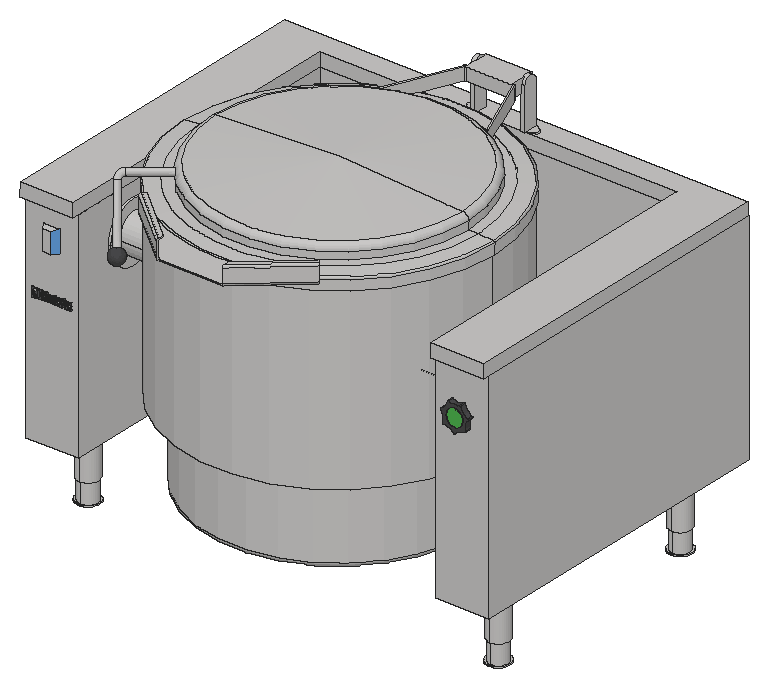
Revit family "QF_ELECTROLUXPROFESSIONAL_587192_PBOT20TDJO", category Attrezzature speciali, Revit 2020 (continued)
Definition of nested family "QF_ELECTROLUXPROFESSIONAL_PBOTSNB1000_LEFT"
  Automatic sketch dimensions
    Extrusion 4 sketch curve to plane 9 "TOP" = 304.564 mm  (x2)
    Extrusion 4 sketch curve to Extrusion 4 sketch curve = 0.539 mm  (x2)
    Extrusion 4 sketch curve to Extrusion 4 sketch curve = 0.634 mm  (x2)
    Extrusion 4 sketch curve to Extrusion 4 sketch curve = 0.036 mm  (x2)
    Extrusion 4 sketch curve to Extrusion 4 sketch curve = 0.114 mm  (x2)
    Extrusion 4 sketch curve to Extrusion 4 sketch curve = 0.807 mm  (x2)
    Extrusion 4 sketch curve to Extrusion 4 sketch curve = 0.007 mm  (x2)
    Extrusion 4 sketch curve to Extrusion 4 sketch curve = 0.156 mm  (x2)
    Extrusion 4 sketch curve to Extrusion 4 sketch curve = 0.005 mm  (x2)
    Extrusion 4 sketch curve to Extrusion 4 sketch curve = 0.083 mm  (x2)
    Extrusion 4 sketch curve to Extrusion 4 sketch curve = 0.13 mm  (x4)
    Extrusion 4 sketch curve to Extrusion 4 sketch curve = 0.009 mm  (x2)
    Extrusion 4 sketch curve to Extrusion 4 sketch curve = 0.159 mm  (x2)
    Extrusion 4 sketch curve to Extrusion 4 sketch curve = 0.075 mm  (x2)
    Extrusion 4 sketch curve to Extrusion 4 sketch curve = 0.025 mm  (x2)
    Extrusion 4 sketch curve to Extrusion 4 sketch curve = 2.918 mm
    Extrusion 4 sketch curve to Extrusion 4 sketch curve = 2.789 mm
    Extrusion 4 sketch curve to plane 9 "TOP" = 306.37 mm  (x2)
    Extrusion 4 sketch curve to Extrusion 4 sketch curve = 0.908 mm  (x2)
    Extrusion 4 sketch curve to plane 9 "TOP" = 306.755 mm  (x2)
    Extrusion 4 sketch curve to Extrusion 4 sketch curve = 0.826 mm  (x2)
    Extrusion 4 sketch curve to Extrusion 4 sketch curve = 0.126 mm  (x3)
    Extrusion 4 sketch curve to Extrusion 4 sketch curve = 2.333 mm
    Extrusion 4 sketch curve to Extrusion 4 sketch curve = 1.257 mm  (x2)
    Extrusion 4 sketch curve to Extrusion 4 sketch curve = 2.771 mm
    Extrusion 4 sketch curve to Extrusion 4 sketch curve = 1.497 mm
    Extrusion 4 sketch curve to Extrusion 4 sketch curve = 1.979 mm
    Extrusion 4 sketch curve to Extrusion 4 sketch curve = 1.653 mm
    Extrusion 4 sketch curve to Extrusion 4 sketch curve = 0.085 mm
    Extrusion 4 sketch curve to Extrusion 4 sketch curve = 0.315 mm
    Extrusion 4 sketch curve to Extrusion 4 sketch curve = 3.811 mm
    Extrusion 4 sketch curve to Extrusion 4 sketch curve = 2.136 mm  (x2)
    Extrusion 4 sketch curve to Extrusion 4 sketch curve = 2.352 mm  (x2)
    Extrusion 4 sketch curve to plane 9 "TOP" = 289.122 mm
    Extrusion 4 sketch curve to Extrusion 4 sketch curve = 3.797 mm
    Extrusion 4 sketch curve to plane 9 "TOP" = 296.104 mm
    Extrusion 4 sketch curve to Extrusion 4 sketch curve = 1.528 mm
    Extrusion 4 sketch curve to plane 9 "TOP" = 290.598 mm
    Extrusion 4 sketch curve to Extrusion 4 sketch curve = 1.476 mm
    Extrusion 4 sketch curve to plane 9 "TOP" = 294.635 mm
    Extrusion 4 sketch curve to Extrusion 4 sketch curve = 1.469 mm
    Extrusion 4 sketch curve to Extrusion 4 sketch curve = 3.728 mm
    Extrusion 4 sketch curve to Extrusion 4 sketch curve = 0.046 mm
    Extrusion 4 sketch curve to Extrusion 4 sketch curve = 0.177 mm
    Extrusion 4 sketch curve to Extrusion 4 sketch curve = 0.947 mm
    Extrusion 4 sketch curve to Extrusion 4 sketch curve = 0.308 mm
    Extrusion 4 sketch curve to Extrusion 4 sketch curve = 0.091 mm
    Extrusion 4 sketch curve to Extrusion 4 sketch curve = 2.375 mm
    Extrusion 4 sketch curve to Extrusion 4 sketch curve = 0.94 mm
    Extrusion 4 sketch curve to Extrusion 4 sketch curve = 0.54 mm
    Extrusion 4 sketch curve to Extrusion 4 sketch curve = 0.102 mm
    Extrusion 4 sketch curve to Extrusion 4 sketch curve = 0.002 mm  (x4)
    Extrusion 4 sketch curve to Extrusion 4 sketch curve = 0.105 mm
    Extrusion 4 sketch curve to Extrusion 4 sketch curve = 0.097 mm
    Extrusion 4 sketch curve to Extrusion 4 sketch curve = 3.982 mm
    Extrusion 4 sketch curve to Extrusion 4 sketch curve = 0.17 mm
    Extrusion 4 sketch curve to Extrusion 4 sketch curve = 6.49 mm
    Extrusion 4 sketch curve to Extrusion 4 sketch curve = 1.777 mm
    Extrusion 4 sketch curve to plane 9 "TOP" = 296.072 mm
    Extrusion 4 sketch curve to Extrusion 4 sketch curve = 0.63 mm
    Extrusion 4 sketch curve to Extrusion 4 sketch curve = 1.001 mm
    Extrusion 4 sketch curve to plane 9 "TOP" = 294.678 mm
    Extrusion 4 sketch curve to Extrusion 4 sketch curve = 1.393 mm
    Extrusion 4 sketch curve to Extrusion 4 sketch curve = 2.363 mm
    Extrusion 4 sketch curve to Extrusion 4 sketch curve = 2.253 mm
    Extrusion 4 sketch curve to Extrusion 4 sketch curve = 0.014 mm  (x4)
    Extrusion 4 sketch curve to Extrusion 4 sketch curve = 0.172 mm
    Extrusion 4 sketch curve to Extrusion 4 sketch curve = 0.096 mm
    Extrusion 4 sketch curve to Extrusion 4 sketch curve = 0.164 mm
    Extrusion 4 sketch curve to Extrusion 4 sketch curve = 0.298 mm
    Extrusion 4 sketch curve to Extrusion 4 sketch curve = 0.247 mm
    Extrusion 4 sketch curve to Extrusion 4 sketch curve = 0.084 mm
    Extrusion 4 sketch curve to Extrusion 4 sketch curve = 6.484 mm
    Extrusion 4 sketch curve to Extrusion 4 sketch curve = 2.596 mm
    Extrusion 4 sketch curve to Extrusion 4 sketch curve = 0.059 mm  (x2)
    Extrusion 4 sketch curve to Extrusion 4 sketch curve = 3.889 mm
    Extrusion 4 sketch curve to plane 9 "TOP" = 307.979 mm
    Extrusion 4 sketch curve to Extrusion 4 sketch curve = 6.029 mm
    Extrusion 4 sketch curve to plane 9 "TOP" = 305.988 mm
    Extrusion 4 sketch curve to Extrusion 4 sketch curve = 0.929 mm
    Extrusion 4 sketch curve to Extrusion 4 sketch curve = 1.102 mm
    Extrusion 4 sketch curve to Extrusion 4 sketch curve = 0.756 mm  (x2)
    Extrusion 4 sketch curve to plane 9 "TOP" = 306.353 mm
    Extrusion 4 sketch curve to Extrusion 4 sketch curve = 0.852 mm
    Extrusion 4 sketch curve to Extrusion 4 sketch curve = 0.108 mm
    Extrusion 4 sketch curve to Extrusion 4 sketch curve = 0.101 mm
    Extrusion 4 sketch curve to Extrusion 4 sketch curve = 0.072 mm
    Extrusion 4 sketch curve to Extrusion 4 sketch curve = 1.67 mm
    Extrusion 4 sketch curve to Extrusion 4 sketch curve = 1.834 mm
    Extrusion 4 sketch curve to Extrusion 4 sketch curve = 0.366 mm
    Extrusion 4 sketch curve to Extrusion 4 sketch curve = 0.993 mm
    Extrusion 4 sketch curve to Extrusion 4 sketch curve = 0.81 mm
    Extrusion 4 sketch curve to Extrusion 4 sketch curve = 1.026 mm  (x2)
    Extrusion 4 sketch curve to Extrusion 4 sketch curve = 4.272 mm
    Extrusion 4 sketch curve to Extrusion 4 sketch curve = 0.163 mm
    Extrusion 4 sketch curve to Extrusion 4 sketch curve = 0.551 mm
    Extrusion 4 sketch curve to Extrusion 4 sketch curve = 6.11 mm
    Extrusion 4 sketch curve to Extrusion 4 sketch curve = 1.451 mm
    Extrusion 4 sketch curve to Extrusion 4 sketch curve = 5.217 mm
    Extrusion 4 sketch curve to Extrusion 4 sketch curve = 0.045 mm  (x2)
    Extrusion 4 sketch curve to Extrusion 4 sketch curve = 0.241 mm
    Extrusion 4 sketch curve to Extrusion 4 sketch curve = 0.039 mm
    Extrusion 4 sketch curve to Extrusion 4 sketch curve = 1.134 mm
    Extrusion 4 sketch curve to Extrusion 4 sketch curve = 2.351 mm
    Extrusion 4 sketch curve to Extrusion 4 sketch curve = 3.993 mm
    Extrusion 4 sketch curve to Extrusion 4 sketch curve = 10.128 mm
    Extrusion 4 sketch curve to Extrusion 4 sketch curve = 0.956 mm
    Extrusion 4 sketch curve to Extrusion 4 sketch curve = 1.263 mm
    Extrusion 4 sketch curve to Extrusion 4 sketch curve = 2.577 mm
    Extrusion 4 sketch curve to Extrusion 4 sketch curve = 0.243 mm
    Extrusion 4 sketch curve to Extrusion 4 sketch curve = 0.031 mm
    Extrusion 4 sketch curve to Extrusion 4 sketch curve = 7.148 mm
    Extrusion 4 sketch curve to Extrusion 4 sketch curve = 1.502 mm
    Extrusion 4 sketch curve to Extrusion 4 sketch curve = 11.54 mm
    Extrusion 4 sketch curve to Extrusion 4 sketch curve = 11.758 mm
    Extrusion 4 sketch curve to Extrusion 4 sketch curve = 4.097 mm
    Extrusion 4 sketch curve to Extrusion 4 sketch curve = 0.011 mm
    Extrusion 4 sketch curve to Extrusion 4 sketch curve = 4.488 mm
    Extrusion 4 sketch curve to Extrusion 4 sketch curve = 11.908 mm
    Extrusion 4 sketch curve to Extrusion 4 sketch curve = 2.236 mm
    Extrusion 4 sketch curve to Extrusion 4 sketch curve = 0.22 mm
    Extrusion 4 sketch curve to Extrusion 4 sketch curve = 0.319 mm
    Extrusion 4 sketch curve to Extrusion 4 sketch curve = 1.192 mm
    Extrusion 4 sketch curve to Extrusion 4 sketch curve = 3.577 mm  (x2)
    Extrusion 4 sketch curve to Extrusion 4 sketch curve = 3.444 mm  (x2)
    Extrusion 4 sketch curve to Extrusion 4 sketch curve = 1.626 mm  (x2)
    Extrusion 4 sketch curve to Extrusion 4 sketch curve = 2.021 mm
    Extrusion 4 sketch curve to Extrusion 4 sketch curve = 2.967 mm
    Extrusion 4 sketch curve to Extrusion 4 sketch curve = 1.22 mm
    Extrusion 4 sketch curve to Extrusion 4 sketch curve = 3.412 mm
    Extrusion 4 sketch curve to Extrusion 4 sketch curve = 0.892 mm  (x3)
    Extrusion 4 sketch curve to Extrusion 4 sketch curve = 0.58 mm  (x2)
    Extrusion 4 sketch curve to Extrusion 4 sketch curve = 2.117 mm
    Extrusion 4 sketch curve to Extrusion 4 sketch curve = 0.295 mm  (x2)
    Extrusion 4 sketch curve to Extrusion 4 sketch curve = 0.618 mm
    Extrusion 4 sketch curve to Extrusion 4 sketch curve = 1.65 mm
    Extrusion 4 sketch curve to Extrusion 4 sketch curve = 1.662 mm
    Extrusion 4 sketch curve to Extrusion 4 sketch curve = 0.013 mm  (x2)
    Extrusion 4 sketch curve to Extrusion 4 sketch curve = 0.292 mm
    Extrusion 4 sketch curve to Extrusion 4 sketch curve = 0.107 mm  (x2)
    Extrusion 4 sketch curve to Extrusion 4 sketch curve = 0.068 mm  (x2)
    Extrusion 4 sketch curve to Extrusion 4 sketch curve = 2.361 mm
    Extrusion 4 sketch curve to Extrusion 4 sketch curve = 2.359 mm
    Extrusion 4 sketch curve to Extrusion 4 sketch curve = 0.531 mm  (x2)
    Extrusion 4 sketch curve to Extrusion 4 sketch curve = 0.928 mm  (x2)
    Extrusion 4 sketch curve to Extrusion 4 sketch curve = 1.058 mm
    Extrusion 4 sketch curve to Extrusion 4 sketch curve = 0.297 mm  (x2)
    Extrusion 4 sketch curve to Extrusion 4 sketch curve = 0.155 mm  (x2)
    Extrusion 4 sketch curve to Extrusion 4 sketch curve = 0.182 mm  (x2)
    Extrusion 4 sketch curve to Extrusion 4 sketch curve = 0.607 mm  (x2)
    Extrusion 4 sketch curve to Extrusion 4 sketch curve = 0.372 mm  (x2)
    Extrusion 4 sketch curve to Extrusion 4 sketch curve = 0.016 mm  (x2)
    Extrusion 4 sketch curve to Extrusion 4 sketch curve = 0.996 mm
    Extrusion 4 sketch curve to Extrusion 4 sketch curve = 0.93 mm
    Extrusion 4 sketch curve to Extrusion 4 sketch curve = 0.709 mm  (x2)
    Extrusion 4 sketch curve to Extrusion 4 sketch curve = 1.017 mm
    Extrusion 4 sketch curve to Extrusion 4 sketch curve = 4.718 mm
    Extrusion 4 sketch curve to Extrusion 4 sketch curve = 0.891 mm
    Extrusion 4 sketch curve to Extrusion 4 sketch curve = 3.826 mm
    Extrusion 4 sketch curve to Extrusion 4 sketch curve = 0.954 mm
    Extrusion 4 sketch curve to Extrusion 4 sketch curve = 5.576 mm
    Extrusion 4 sketch curve to Extrusion 4 sketch curve = 5.661 mm  (x2)
    Extrusion 4 sketch curve to Extrusion 4 sketch curve = 0.006 mm
    Extrusion 4 sketch curve to Extrusion 4 sketch curve = 2.203 mm
    Extrusion 4 sketch curve to Extrusion 4 sketch curve = 2.21 mm
    Extrusion 4 sketch curve to Extrusion 4 sketch curve = 1.607 mm
    Extrusion 4 sketch curve to Extrusion 4 sketch curve = 3.92 mm
    Extrusion 4 sketch curve to Extrusion 4 sketch curve = 0.05 mm
    Extrusion 4 sketch curve to Extrusion 4 sketch curve = 1.776 mm
    Extrusion 4 sketch curve to Extrusion 4 sketch curve = 4.017 mm
    Extrusion 4 sketch curve to Extrusion 4 sketch curve = 0.196 mm  (x2)
    Extrusion 4 sketch curve to Extrusion 4 sketch curve = 0.19 mm
    Extrusion 4 sketch curve to Extrusion 4 sketch curve = 1.312 mm
    Extrusion 4 sketch curve to Extrusion 4 sketch curve = 0.146 mm
    Extrusion 4 sketch curve to Extrusion 4 sketch curve = 2.831 mm
    Extrusion 4 sketch curve to Extrusion 4 sketch curve = 0.387 mm
    Extrusion 4 sketch curve to Extrusion 4 sketch curve = 0.174 mm
    Extrusion 4 sketch curve to Extrusion 4 sketch curve = 4.623 mm
    Extrusion 4 sketch curve to Extrusion 4 sketch curve = 1.754 mm
    Extrusion 4 sketch curve to Extrusion 4 sketch curve = 0.188 mm
    Extrusion 4 sketch curve to Extrusion 4 sketch curve = 0.02 mm
    Extrusion 4 sketch curve to Extrusion 4 sketch curve = 0.313 mm
    Extrusion 4 sketch curve to Extrusion 4 sketch curve = 0.12 mm
    Extrusion 4 sketch curve to Extrusion 4 sketch curve = 0.062 mm
    Extrusion 4 sketch curve to Extrusion 4 sketch curve = 0.568 mm
    Extrusion 4 sketch curve to Extrusion 4 sketch curve = 0.095 mm
    Extrusion 4 sketch curve to Extrusion 4 sketch curve = 0.357 mm
    Extrusion 4 sketch curve to Extrusion 4 sketch curve = 0.008 mm
    Extrusion 4 sketch curve to Extrusion 4 sketch curve = 0.36 mm
    Extrusion 4 sketch curve to Extrusion 4 sketch curve = 3.784 mm
    Extrusion 4 sketch curve to Extrusion 4 sketch curve = 1.654 mm
    Extrusion 4 sketch curve to Extrusion 4 sketch curve = 1.454 mm
    Extrusion 4 sketch curve to Extrusion 4 sketch curve = 3.429 mm
    Extrusion 4 sketch curve to Extrusion 4 sketch curve = 1.094 mm
    Extrusion 4 sketch curve to Extrusion 4 sketch curve = 2.218 mm
    Extrusion 4 sketch curve to Extrusion 4 sketch curve = 1.404 mm
    Extrusion 4 sketch curve to Extrusion 4 sketch curve = 5.959 mm
    Extrusion 4 sketch curve to Extrusion 4 sketch curve = 1.424 mm
    Extrusion 4 sketch curve to Extrusion 4 sketch curve = 3.23 mm
    Extrusion 4 sketch curve to Extrusion 4 sketch curve = 1.975 mm
    Extrusion 4 sketch curve to Extrusion 4 sketch curve = 3.779 mm
    Extrusion 4 sketch curve to Extrusion 4 sketch curve = 2.212 mm
    Extrusion 4 sketch curve to Extrusion 4 sketch curve = 3.78 mm
    Extrusion 4 sketch curve to Extrusion 4 sketch curve = 1.279 mm
    Extrusion 4 sketch curve to Extrusion 4 sketch curve = 1.343 mm  (x2)
    Extrusion 4 sketch curve to Extrusion 4 sketch curve = 1.353 mm  (x2)
    Extrusion 4 sketch curve to Extrusion 4 sketch curve = 0.027 mm  (x2)
    Extrusion 4 sketch curve to Extrusion 4 sketch curve = 0.395 mm  (x2)
    Extrusion 4 sketch curve to Extrusion 4 sketch curve = 0.329 mm  (x2)
    Extrusion 4 sketch curve to Extrusion 4 sketch curve = 0.425 mm  (x2)
    Extrusion 4 sketch curve to Extrusion 4 sketch curve = 0.051 mm  (x2)
    Extrusion 4 sketch curve to Extrusion 4 sketch curve = 0.495 mm  (x2)
    Extrusion 4 sketch curve to Extrusion 4 sketch curve = 0.267 mm  (x2)
    Extrusion 4 sketch curve to Extrusion 4 sketch curve = 1.4 mm
    Extrusion 4 sketch curve to Extrusion 4 sketch curve = 5.233 mm
    Extrusion 4 sketch curve to Extrusion 4 sketch curve = 2.062 mm
    Extrusion 5 sketch curve to plane 12 "HW_CW" = 0.0 mm  (x2)
    Extrusion 5 sketch curve to plane 14 = 0.0 mm
    Extrusion 5 sketch curve to plane 13 = 0.0 mm
    Extrusion 6 sketch curve to plane 3 "Center (Left/Right)" = 0.0 mm
    Extrusion 6 sketch curve to plane 15 "Steam_y" = 0.0 mm
    Extrusion 7 sketch curve to plane 3 "Center (Left/Right)" = 0.0 mm
    Extrusion 7 sketch curve to plane 17 = 0.0 mm
    radius of Extrusion 2 sketch curve = 6.35 mm  (x2)
    radius of Extrusion 4 sketch curve = 2.453 mm
    radius of Extrusion 4 sketch curve = 1.557 mm
    radius of Extrusion 4 sketch curve = 1.468 mm
    radius of Extrusion 4 sketch curve = 2.451 mm
    radius of Extrusion 5 sketch curve = 5.0 mm  (x2)
    radius of Extrusion 6 sketch curve = 25.4 mm
    radius of Extrusion 7 sketch curve = 25.4 mm
Definition of nested family "QF_ELECTROLUXPROFESSIONAL_PBOTSMAN1000_RIGHT"
  Parameters
    Width = 160.0 mm
    Steam_z = 140.0 mm
    Steam_y = 239.0 mm
    Right = Width / 2  # 80.0 mm
    Default Elevation = 0.0 mm
    Left = -Width / 2  # -80.0 mm
    Htop = 40.0 mm
    Height = 900.0 mm
    HMan = 730.0 mm
    HBase = 200.0 mm
    EI_z = 250.0 mm
    EI_y = 312.0 mm
    Depth = 1000.0 mm
    BorderFront = 20.0 mm
    Body Finish [instance] = none
  Reference planes
    plane 1 "Center (Front/Back)": y = 0
    plane 2: z = 0
    plane 3 "Center (Left/Right)": x = 0
    plane 4 "LEFT": x = -80
    plane 5 "RIGHT": x = 80
    plane 6 "BACK": y = 500
    plane 7 "FRONT": y = -500
    plane 8 "Base": z = 200
    plane 9 "TOP": z = 900
    plane 10 "BorderFront": y = -480
    plane 11: z = 860
    plane 12 "EI": z = 450
    plane 13: y = 188
    plane 14: y = 261
    plane 15 "Steam_Z": z = 340
    plane 16: z = 730
  Forms (mm)
    Extrusion 1, solid
      sketch origin (0, 0, 0) x (1, 0, 0) y (0, 1, 0)
        loop
          line (-80, 500) -> (-80, -480) -> (80, -480) -> (80, 500) -> (-80, 500)
      from 860 to 200
    Extrusion 2, solid
      sketch origin (0, -480, 0) x (-1, 0, 0) y (0, 0, 1)
        loop
          circle (0, 730) r 20
      from 0 to -15
    Extrusion 3, solid
      sketch origin (0, 500, 0) x (-1, 0, 0) y (0, 0, 1)
        loop
          circle (0, 450) r 5
      from 0 to 2
    Extrusion 4, solid
      sketch origin (0, 0, 200) x (0, 1, 0) y (-1, 0, 0)
        loop
          circle (188, 0) r 10
      from 0 to -3
    Extrusion 5, solid
      sketch origin (0, 0, 200) x (0, 1, 0) y (-1, 0, 0)
        loop
          circle (261, 0) r 25.4
      from 0 to -3
    Extrusion 6, solid
      sketch origin (0, 500, 0) x (-1, 0, 0) y (0, 0, 1)
        loop
          circle (0, 340) r 25.4
      from 0 to 3
    Extrusion 7, solid
      sketch origin (0, -480, 0) x (-1, 0, 0) y (0, 0, 1)
        loop
          circle (0, 730) r 25
        loop
          arc (32.154, 702.068) -> (34.039, 703.003) -> (34.542, 705.047) r 2.5
          arc (34.542, 705.047) -> (34.866, 722.153) -> (42.205, 737.608) r 40.622
          arc (42.205, 737.608) -> (42.662, 739.682) -> (41.359, 741.359) r 2.5
          arc (41.359, 741.359) -> (27.929, 752.374) -> (20.328, 767.992) r 40.622
          arc (20.328, 767.992) -> (18.977, 769.659) -> (16.832, 769.665) r 2.5
          arc (16.832, 769.665) -> (-0.034, 765.787) -> (-16.984, 769.281) r 40.622
          arc (-16.984, 769.281) -> (-19.093, 769.244) -> (-20.423, 767.608) r 2.5
          arc (-20.423, 767.608) -> (-28.052, 752.219) -> (-41.359, 741.359) r 40.622
          arc (-41.359, 741.359) -> (-42.662, 739.682) -> (-42.205, 737.608) r 2.5
          arc (-42.205, 737.608) -> (-34.866, 722.153) -> (-34.542, 705.047) r 40.622
          arc (-34.542, 705.047) -> (-34.039, 703.003) -> (-32.154, 702.068) r 2.5
          arc (-32.154, 702.068) -> (-15.447, 697.989) -> (-1.926, 687.362) r 40.622
          arc (-1.926, 687.362) -> (0, 686.456) -> (1.926, 687.362) r 2.5
          arc (1.926, 687.362) -> (15.447, 697.989) -> (32.154, 702.068) r 40.622
      from -15 to -30
    Extrusion 8, solid
      sketch origin (0, -480, 0) x (-1, 0, 0) y (0, 0, 1)
        loop
          circle (0, 730) r 25
      from -30 to -15
  Lines and regions (mm)
    symbolic lines
      curve 1: line (-80, 500, 0) -> (80, 500, 0)
      curve 2: line (80, 500, 0) -> (80, -480, 0)
  Dimensions and locks
    "Width": plane 4 "LEFT" to plane 5 "RIGHT"
    equal spacing: plane 4 "LEFT", plane 3 "Center (Left/Right)", plane 5 "RIGHT"
    equal spacing: plane 6 "BACK", plane 1 "Center (Front/Back)", plane 7 "FRONT"
    "Depth": plane 6 "BACK" to plane 7 "FRONT"
    "BorderFront": plane 10 "BorderFront" to plane 7 "FRONT"
    "Htop": plane 9 "TOP" to plane 11
    "Height": plane 9 "TOP" to level
    "HBase": plane 8 "Base" to level
    "EI_y": plane 6 "BACK" to plane 13
    "EI_z": plane 12 "EI" to plane 8 "Base"
    "Steam_y": plane 6 "BACK" to plane 14
    "Steam_z": plane 15 "Steam_Z" to plane 8 "Base"
    "HMan": plane 16 to level
    aligned and locked: level to plane 2
    aligned and locked: plane 10 "BorderFront" to Extrusion 1 sketch curve
    aligned and locked: plane 11 to Extrusion 1
    aligned and locked: Extrusion 1 to plane 8 "Base"
    aligned and locked: plane 4 "LEFT" to Extrusion 1 sketch curve
    aligned and locked: Extrusion 1 sketch curve to plane 5 "RIGHT"
    aligned and locked: Extrusion 1 sketch curve to plane 6 "BACK"
  Automatic sketch dimensions
    Extrusion 3 sketch curve to plane 3 "Center (Left/Right)" = 0.0 mm
    Extrusion 3 sketch curve to plane 12 "EI" = 0.0 mm
    curve 1 to plane 4 "LEFT" = 0.0 mm
    curve 1 to plane 5 "RIGHT" = 0.0 mm
    curve 2 to plane 10 "BorderFront" = 0.0 mm
    curve 1 to plane 6 "BACK" = 0.0 mm
    Extrusion 4 sketch curve to plane 3 "Center (Left/Right)" = 0.0 mm
    Extrusion 4 sketch curve to plane 13 = 0.0 mm
    Extrusion 5 sketch curve to plane 3 "Center (Left/Right)" = 0.0 mm
    Extrusion 5 sketch curve to plane 14 = 0.0 mm
    Extrusion 6 sketch curve to plane 3 "Center (Left/Right)" = 0.0 mm
    Extrusion 6 sketch curve to plane 15 "Steam_Z" = 0.0 mm
    Extrusion 2 sketch curve to plane 3 "Center (Left/Right)" = 0.0 mm
    Extrusion 2 sketch curve to plane 16 = 0.0 mm
    Extrusion 7 sketch curve to plane 5 "RIGHT" = 5.593 mm
    Extrusion 7 sketch curve to plane 5 "RIGHT" = 20.191 mm
    Extrusion 7 sketch curve to plane 5 "RIGHT" = 39.777 mm
    Extrusion 7 sketch curve to plane 5 "RIGHT" = 46.782 mm
    Extrusion 7 sketch curve to plane 5 "RIGHT" = 47.912 mm
    Extrusion 7 sketch curve to Extrusion 7 sketch curve = 22.224 mm
    plane 16 to Extrusion 7 sketch curve = 76.406 mm
    plane 3 "Center (Left/Right)" to Extrusion 7 sketch curve = 0.496 mm
    plane 3 "Center (Left/Right)" to Extrusion 7 sketch curve = 0.0 mm  (x2)
    Extrusion 7 sketch curve to plane 3 "Center (Left/Right)" = 17.898 mm
    Extrusion 7 sketch curve to plane 3 "Center (Left/Right)" = 32.088 mm
    Extrusion 7 sketch curve to plane 3 "Center (Left/Right)" = 33.218 mm
    Extrusion 7 sketch curve to plane 3 "Center (Left/Right)" = 40.223 mm
    Extrusion 7 sketch curve to plane 3 "Center (Left/Right)" = 59.809 mm
    plane 4 "LEFT" to Extrusion 7 sketch curve = 5.593 mm
    plane 16 to Extrusion 7 sketch curve = 47.549 mm  (x2)
    Extrusion 7 sketch curve to Extrusion 7 sketch curve = 39.002 mm
    Extrusion 7 sketch curve to Extrusion 7 sketch curve = 0.408 mm
    Extrusion 7 sketch curve to Extrusion 7 sketch curve = 28.272 mm
    Extrusion 7 sketch curve to Extrusion 7 sketch curve = 27.864 mm
    Extrusion 7 sketch curve to Extrusion 7 sketch curve = 36.996 mm
    Extrusion 7 sketch curve to Extrusion 7 sketch curve = 26.285 mm  (x2)
    Extrusion 7 sketch curve to Extrusion 7 sketch curve = 34.565 mm  (x2)
    Extrusion 7 sketch curve to Extrusion 7 sketch curve = 15.61 mm
    Extrusion 7 sketch curve to Extrusion 7 sketch curve = 27.496 mm  (x2)
    Extrusion 7 sketch curve to Extrusion 7 sketch curve = 1.982 mm
    Extrusion 7 sketch curve to Extrusion 7 sketch curve = 0.0 mm  (x13)
    Extrusion 8 sketch curve to plane 3 "Center (Left/Right)" = 0.0 mm
    Extrusion 8 sketch curve to plane 16 = 0.0 mm
    radius of Extrusion 3 sketch curve = 5.0 mm
    radius of Extrusion 4 sketch curve = 10.0 mm
    radius of Extrusion 5 sketch curve = 25.4 mm
    radius of Extrusion 6 sketch curve = 25.4 mm
    radius of Extrusion 2 sketch curve = 20.0 mm
    radius of Extrusion 7 sketch curve = 25.0 mm
    radius of Extrusion 8 sketch curve = 25.0 mm
Definition of nested family "QF_ELECTROLUXPROFESSIONAL_2FEET_THL_120x1000H200"
  Parameters
    Width = 120.0 mm
    Right = Width / 2  # 60.0 mm
    Default Elevation = 0.0 mm
    Left = -Width / 2  # -60.0 mm
    Height = 200.0 mm
    HBase = Height - 15.0 mm  # 185.0 mm
    Depth = 980.0 mm
  Reference planes
    plane 1 "Center (Front/Back)": y = 0
    plane 2: z = 0
    plane 3 "Center (Left/Right)": x = 0
    plane 4 "LEFT": x = -60
    plane 5 "RIGHT": x = 60
    plane 6 "BACK": y = 490
    plane 7 "FRONT": y = -490
    plane 8 "Base": z = 185
    plane 9 "TOP": z = 200
    plane 10: y = 333
    plane 11: y = -354
    plane 12: y = 416
    plane 13: y = -438
    plane 14: x = -80
  Forms (mm)
    Extrusion 1, solid
      sketch origin (0, 12, 200) x (0, 1, 0) y (-1, 0, 0)
        loop
          line (404, 60) -> (-450, 60) -> (-450, -60) -> (404, -60) -> (404, 60)
      from 0 to -15
    Revolve 2, solid
      sketch origin (0, 0, 0) x (0, 1, 0) y (0, 0, 1)
        loop
          line (333, 0) -> (368, 0) -> (368, 2) -> (361.179, 2) -> (361.179, 63) -> (364.75, 63) -> (364.75, 185) -> (333, 185) -> (333, 0)
        axis (333, 185) -> (333, 0)
      angle from 0 to 360
    Revolve 3, solid
      sketch origin (0, -687, 0) x (0, 1, 0) y (0, 0, 1)
        loop
          line (333, 0) -> (368, 0) -> (368, 2) -> (361.179, 2) -> (361.179, 63) -> (364.75, 63) -> (364.75, 185) -> (333, 185) -> (333, 0)
        axis (333, 185) -> (333, 0)
      angle from 0 to 360
  Dimensions and locks
    "Width": plane 4 "LEFT" to plane 5 "RIGHT"
    equal spacing: plane 4 "LEFT", plane 3 "Center (Left/Right)", plane 5 "RIGHT"
    equal spacing: plane 6 "BACK", plane 1 "Center (Front/Back)", plane 7 "FRONT"
    "Depth": plane 6 "BACK" to plane 7 "FRONT"
    "HBase": plane 8 "Base" to level
    "Height": plane 9 "TOP" to level
    locked: plane 6 "BACK" to plane 10 at 157
    locked: plane 10 to plane 11 at 687
    plane 14 to plane 3 "Center (Left/Right)" = 80.0 mm
    plane 6 "BACK" to plane 12 = 74.0 mm
    plane 13 to plane 7 "FRONT" = 52.0 mm
    aligned and locked: level to plane 2
    aligned and locked: Extrusion 1 sketch curve to plane 5 "RIGHT"
    aligned and locked: plane 4 "LEFT" to Extrusion 1 sketch curve
    aligned and locked: Extrusion 1 to plane 8 "Base"
    aligned and locked: Extrusion 1 to plane 13
  Automatic sketch dimensions
    plane 13 to Extrusion 1 sketch curve = 0.0 mm
    Extrusion 1 sketch curve to plane 6 "BACK" = 74.0 mm
    Revolve 2 sketch curve to level = 0.0 mm
    Revolve 2 sketch curve to plane 10 = 0.0 mm  (x2)
    Revolve 2 sketch curve to plane 8 "Base" = 0.0 mm
    plane 10 to Revolve 2 sketch curve = 28.179 mm
    Revolve 2 sketch curve to Revolve 2 sketch curve = 31.75 mm
    Revolve 2 sketch curve to Revolve 2 sketch curve = 6.821 mm
    level to Revolve 2 sketch curve = 2.0 mm
    Revolve 2 sketch curve to Revolve 2 sketch curve = 61.0 mm
    Revolve 2 sketch curve to level = 50.0 mm
    plane 9 "TOP" to Revolve 2 sketch curve = 70.0 mm
    Revolve 3 sketch curve to level = 0.0 mm
    Revolve 3 sketch curve to plane 11 = 0.0 mm  (x2)
    Revolve 3 sketch curve to plane 8 "Base" = 0.0 mm
    plane 11 to Revolve 3 sketch curve = 28.179 mm
    Revolve 3 sketch curve to Revolve 3 sketch curve = 31.75 mm
    Revolve 3 sketch curve to Revolve 3 sketch curve = 6.821 mm
    level to Revolve 3 sketch curve = 2.0 mm
    Revolve 3 sketch curve to Revolve 3 sketch curve = 61.0 mm
    Revolve 3 sketch curve to level = 50.0 mm
    plane 9 "TOP" to Revolve 3 sketch curve = 70.0 mm
Definition of nested family "QF_ELECTROLUXPROFESSIONAL_PBOT1000_LEVEL1"
  Parameters
    Default Elevation = 0.0 mm
    Assembly Code = ""
  Reference planes
    plane 1 "Center (Front/Back)": y = 0
    plane 2: z = 0
    plane 3 "Center (Left/Right)": x = 0
  Forms (mm)
    Sweep 1, solid
      path origin (0, 0, 0) x (1, 0, 0) y (0, 0.5, 0.866025)
        loop
          line (60, 0) -> (-80, 0)
          arc (-80, 0) -> (-94.142, -5.858) -> (-100, -20) r 20
          line (-100, -20) -> (-100, -200)
      profile origin (-10, 0, 0) x (0, -0.5, -0.866025) y (0, -0.866025, 0.5)
        loop
          circle (0, 0) r 9
    Revolve 2, solid
      sketch origin (-20, 0, 0) x (1, 0, 0) y (0, 0.5, 0.866025)
        loop
          arc (-57.5, -200) -> (-80, -177.5) -> (-102.5, -200) r 22.5
          line (-102.5, -200) -> (-57.5, -200)
        axis (-102.5, -200) -> (-57.5, -200)
      angle from 0 to 360
  Lines and regions (mm)
    symbolic lines
      curve 1: line (0, -9, 0) -> (-80, -9, 0)
      curve 2: line (0, 9, 0) -> (-80, 9, 0)
      curve 3: line (-91, -80, 0) -> (-91, -15, 0)
      curve 4: line (-109, -80, 0) -> (-109, -10, 0)
      curve 5: arc (-109, -10, 0) -> (-97.335, 3.827, 0) -> (-80, 9, 0) r 31.632
      curve 6: arc (-91, -15, 0) -> (-86.265, -10.598, 0) -> (-80, -9, 0) r 13.083
      curve 7: spline (-77.953, -100, 0) -> (-78.704, -94.175, 0) -> (-80.907, -88.747, 0) -> (-84.41, -84.087, 0) -> (-88.977, -80.51, 0) -> (-94.294, -78.262, 0) -> (-100, -77.495, 0) -> (-105.706, -78.262, 0) -> (-111.023, -80.51, 0) -> (-115.59, -84.087, 0) -> (-119.093, -88.747, 0) -> (-121.296, -94.175, 0) -> (-122.047, -100, 0) -> (-121.296, -105.825, 0) -> (-119.093, -111.253, 0) -> (-115.59, -115.913, 0) -> (-111.023, -119.49, 0) -> (-105.706, -121.738, 0) -> (-100, -122.505, 0) -> (-94.294, -121.738, 0) -> (-88.977, -119.49, 0) -> (-84.41, -115.913, 0) -> (-80.907, -111.253, 0) -> (-78.704, -105.825, 0) -> (-77.953, -100, 0)
  Dimensions and locks
    aligned and locked: level to plane 2
